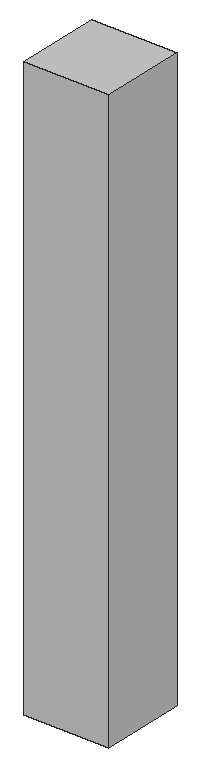
Revit family "Concrete-Rectangular-Column", category Structural Columns, Revit 2019
Family settings
  Display in Hidden Views = Edges Hidden by Other Members
  Section Shape = Not Defined
  Material for Model Behavior = Concrete
  Always export as geometry = No
  Beam cutback in plan = From bounding box
  OmniClass Number = 23.25.30.11.14.11
  OmniClass Title = Columns
  Cut with Voids When Loaded = No
  Symbolic Representation = From Family
  Shared = No
  Show family pre-cut in plan views = Yes
Parameters (values of type "12 x 18")
  Structural Material [instance] = Concrete, Cast-in-Place gray
  Assembly Code = "B10"
  b = 400 mm
  h = 400 mm
Types (3, lengths in mm): name | b | h
  12 x 18 | 400 | 400
  18 x 24 | 457.2 | 609.6
  24 x 30 | 609.6 | 762
Reference planes
  plane 1 "Center (Front/Back)": y = 0
  plane 2: z = 0
  plane 3 "Center (Left/Right)": x = 0
  plane 4: x = -200
  plane 5: x = 200
  plane 6: y = 200
  plane 7: y = -200
Forms (mm)
  Extrusion 1, solid, material "Concrete, Cast-in-Place gray" <- "Structural Material"
    sketch origin (0, 0, 0) x (1, 0, 0) y (0, 1, 0)
      loop
        line (-200, 200) -> (-200, -200) -> (200, -200) -> (200, 200) -> (-200, 200)
    from 0 to 2743.2
Dimensions and locks
  equal spacing: plane 4, plane 3 "Center (Left/Right)", plane 5
  equal spacing: plane 7, plane 1 "Center (Front/Back)", plane 6
  "h": plane 7 to plane 6
  "b": plane 4 to plane 5
  aligned and locked: plane 6 to Extrusion 1 sketch curve
  aligned and locked: Extrusion 1 sketch curve to plane 7
  aligned and locked: Extrusion 1 sketch curve to plane 4
  aligned and locked: plane 5 to Extrusion 1 sketch curve
  aligned and locked: level to Extrusion 1
  aligned and locked: level to plane 2
  aligned and locked: Extrusion 1 to plane 2
